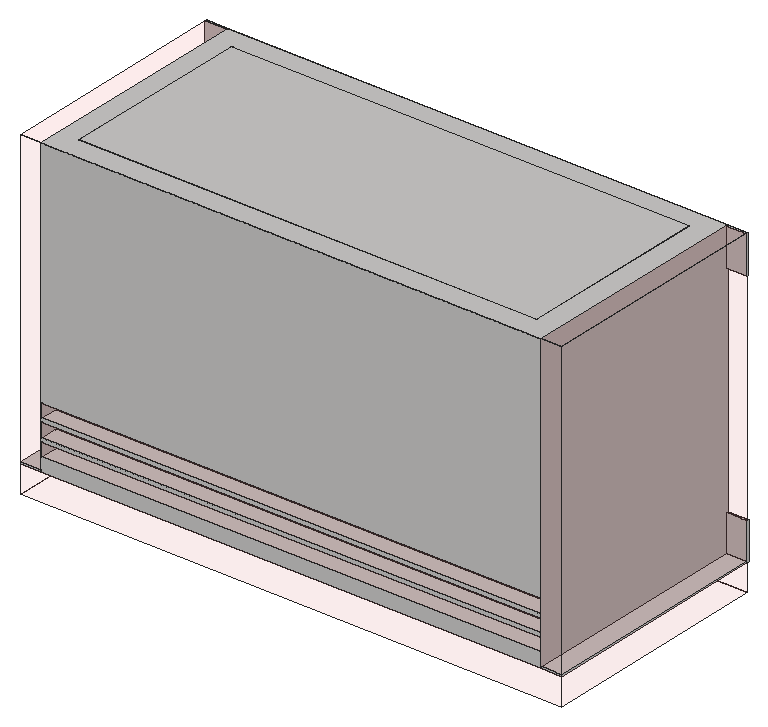
Revit family "Air-Curtain_Industrial_PoweredAire_Unheated", category Mechanical Equipment, host Face, Revit 2020
Family settings
  Host = Face
  Round Connector Dimension = Use Diameter
  Part Type = Normal
  OmniClass Number = 23.75.35.17.21
  OmniClass Title = Air Curtains
  Cut with Voids When Loaded = No
  Shared = No
  Room Calculation Point = No
Parameters
  topbrackets [instance] = and(Unit Height = 1' 4 3/4", Unit Depth = 1' 9 1/4")  # yes
  Warranty Duration (Years) = 0
  Unit Width Notes = "Other Widths available."  # constant formula
  Unit Width = 3' - 3"
  Unit Weight = 0
  Unit Height = 1' - 4 3/4"
  Unit Depth = 1' - 9 1/4"
  URL = "http://www.poweredaire.com/"
  Test Data = ""
  Standards Conformance = "as Specified"
  Specification = "http://www.arcat.com/sdspecs/htm04/23_34_33pai.htm"
  SpecWizard = ""
  Sound Pressure = "as Specified"
  Sales Information = "http://www.poweredaire.com/contact_us"
  Revision = "R1_2016-08"
  Projection from Host [instance] = 0' - 2"
  Product Properties = ""
  Product Data = "http://www.arcat.com/arcatcos/cos47/arc47623.html"
  Power Rating = 0 W
  Nozzle Width = if(1 = 1, Unit Width - 0' 3", 0' 0")  # 3' - 0"
  Mounting Width = if(1 = 1, Unit Width - 0' 1 1/2", 0' 0")  # 3' - 1 1/2"
  Mounting Height [instance] = 3' - 6"
  Motor RPM = 0
  Motor HP = 0
  Motor Count = 0
  Model = "As Specified"
  Max Height = 0' - 0"
  Manufacturer Website = "http://www.poweredaire.com/"
  Manufacturer Phone - Toll Free = "888-321-2473"
  Manufacturer Phone = "724-588-3305"
  Manufacturer Fax = "724-588-3371"
  Manufacturer Address = "109 Mortensen Rd.  Greenville, PA 16125"
  Manufacturer = "Powered Aire, Inc"
  Maintenance Schedule (Months) = 0
  Keynote = "23 34 33"
  Installation-Fabrication = ""
  Installation Phase = ""
  Include Clearance [instance] = yes
  Heating Element Load = 0 W
  HVAC_Temperature Rise = 0 °F
  HVAC_Outlet Volume = 0 CFM
  HVAC_Outlet Velocity Uniformity = 0
  HVAC_Outlet Velocity = 0 FPM
  Green Building-LEED = "http://www.arcat.com/green/clients/leed_data_47623.html"
  Front Grating Material [instance] = Metal - Steel - PoweredAire - Stainless 304 Perforated
  Frame Finish [instance] = Metal - Steel - PoweredAire - Stainless 304
  Expected Lifespan (Years) = 0
  Electrical_Wattage [instance] = Power Rating + Heating Element Load  # 0 W
  Electrical_Voltage [instance] = 0 V
  Electrical_Phase [instance] = 1
  Electrical_Frequency [instance] = 0 Hz
  Electrical_Amperage [instance] = 0 A
  Drawn By = "Sumex Design, Inc. / Robert S. Weygant, CSI, CDT, SCIP"
  Description = "Powered Aire Air Curtain as Specified"
  Default Elevation = 0' - 0"  # constant formula
  Copyright = "©Arcat Inc."
  Construction Details = "http://www.arcat.com/details/powair/prod3336.html"
  Clearance_Top [instance] = 0' - 0"
  Clearance_Side B [instance] = 0' - 0"
  Clearance_Side A [instance] = 0' - 0"
  Clearance_Intake [instance] = 0' - 0"
  Clearance_Bottom [instance] = 0' - 0"
  Clearance Material [instance] = ARCAT Clearance
  Building Codes = ""
  Available Options [instance] = "as Specified"
  Assembly Code = "D3090400"
Reference planes (in)
  plane 1 "Center (Elevation)": y = 8.51318
  plane 2: z = 0
  plane 3 "Center (Left/Right)": x = 0
  plane 4: y = 16.88818
  plane 5 "BoC": y = 0.13818
  plane 6: x = -19.5
  plane 7: x = 19.5
  plane 8: z = 23.25
  plane 9 "FF": y = -41.86182
  plane 10: z = 2
  plane 11: x = 18
  plane 12: x = -18
  plane 13: y = 16.88818
  plane 14: y = 0.13818
  plane 15: x = -19.5
  plane 16: x = 19.5
  plane 17: z = 23.25
  plane 18: y = 0.13818
  plane 19: x = 17.9375
  plane 20: x = -17.9375
Forms (in)
  Extrusion 1, solid, material "ARCAT Clearance" <- "Clearance Material", visible <- "Include Clearance"
    sketch origin (0, 0, 0) x (0, 1, 0) y (0, 0, 1)
      loop
        line (0.13818, 23.25) -> (0.13818, 0) -> (16.88818, 0) -> (16.88818, 23.25) -> (0.13818, 23.25)
    from -19.5 to 19.5
  Extrusion 2, solid, material "Metal - Steel - PoweredAire - Stainless 304" <- "Frame Finish"
    sketch origin (0, 8.51318, 0) x (1, 0, 0) y (0, 0, 1)
      loop
        line (18, 23.25) -> (-18, 23.25) -> (-18, 2) -> (18, 2) -> (18, 23.25)
    from -8.375 to 8.375
  Extrusion 3, void
    sketch origin (0, 0, 0) x (0, 1, 0) y (0, 0, 1)
      loop
        line (0.13818, 4) -> (0.13818, 3) -> (1.63818, 3) -> (1.63818, 6.5) -> (0.13818, 6.5) -> (0.13818, 5.5) -> (1.38818, 5.5) -> (1.38818, 5.25) -> (0.13818, 5.25) -> (0.13818, 4.25) -> (1.38818, 4.25) -> (1.38818, 4) -> (0.13818, 4)
    from -17.9375 to 17.9375
  Extrusion 4, solid, material "Metal - Steel - PoweredAire - Stainless 304" <- "Frame Finish"
    sketch origin (-15.17702, -180, 2) x (-1, 0, 0) y (0, -1, 0)
      loop
        line (-33.17702, -196.88818) -> (-33.17702, -180.13818) -> (-34.67702, -180.13818) -> (-34.67702, -196.88818) -> (-33.17702, -196.88818)
      loop
        line (2.82298, -196.88818) -> (4.32298, -196.88818) -> (4.32298, -180.13818) -> (2.82298, -180.13818) -> (2.82298, -196.88818)
    from 0 to 0.125
  Extrusion 5, solid, material "Metal - Steel - PoweredAire - Stainless 304" <- "Frame Finish", visible <- "topbrackets"
    sketch origin (-11.83813, 16.88818, 48) x (-1, 0, 0) y (0, 0, 1)
      loop
        line (7.66187, -46) -> (7.66187, -43.25) -> (6.16187, -43.25) -> (6.16187, -46) -> (7.66187, -46)
      loop
        line (-31.33813, -46) -> (-29.83813, -46) -> (-29.83813, -43.25) -> (-31.33813, -43.25) -> (-31.33813, -46)
      loop
        line (7.66187, -27.5) -> (7.66187, -24.75) -> (6.16187, -24.75) -> (6.16187, -27.5) -> (7.66187, -27.5)
      loop
        line (-31.33813, -27.5) -> (-29.83813, -27.5) -> (-29.83813, -24.75) -> (-31.33813, -24.75) -> (-31.33813, -27.5)
    from 0 to -0.125
  Extrusion 6, solid, material "Metal - Steel - PoweredAire - Stainless 304 Perforated" <- "Front Grating Material"
    sketch origin (18, 8.51318, 23.25) x (-1, 0, 0) y (0, -1, 0)
      loop
        line (1.5, -6.875) -> (34.5, -6.875) -> (34.5, 6.875) -> (1.5, 6.875) -> (1.5, -6.875)
    from 0 to 0.03125
Cuts and joins
  Extrusion 3 cuts Extrusion 2
Dimensions and locks (in)
  equal spacing: plane 4, plane 1 "Center (Elevation)", plane 5 "BoC"
  "Unit Height": plane 4 to plane 5 "BoC"
  equal spacing: plane 6, plane 3 "Center (Left/Right)", plane 7
  "Unit Width": plane 6 to plane 7
  "Mounting Height": plane 5 "BoC" to plane 9 "FF"
  "Projection from Host": plane 10 to level
  "Unit Depth": plane 8 to plane 10
  locked: plane 6 to plane 12 at 1.5
  locked: plane 11 to plane 7 at 1.5
  "Clearance_Side A": plane 7 to plane 16
  "Clearance_Side B": plane 15 to plane 6
  "Clearance_Top": plane 13 to plane 4
  "Clearance_Bottom": plane 5 "BoC" to plane 14
  "Clearance_Intake": plane 17 to plane 8
  locked: plane 7 to Extrusion 2 sketch curve at 1.5
  locked: Extrusion 2 sketch curve to plane 6 at 1.5
  locked: plane 18 to plane 5 "BoC" at 0
  Extrusion 5 sketch curve to Extrusion 5 sketch curve to plane 10 = 0' - 2 3/4" locked, 0' - 0" locked  (x2)
  locked: plane 12 to Extrusion 6 sketch curve at 1.5
  locked: Extrusion 6 sketch curve to plane 11 at 1.5
  locked: Extrusion 6 sketch curve to plane 5 "BoC" at 1.5
  locked: plane 20 to plane 12 at 0.0625
  locked: plane 11 to plane 19 at 0.0625
  Extrusion 3 sketch curve to Extrusion 3 sketch curve to Extrusion 3 sketch curve to Extrusion 3 sketch curve to Extrusion 3 sketch curve to Extrusion 3 sketch curve to plane 10 = 0' - 1" locked, 0' - 0 1/4" locked, 0' - 1" locked, 0' - 0 1/4" locked, 0' - 1" locked, 0' - 1" locked
  locked: plane 4 to Extrusion 6 sketch curve at 1.5
  locked: Extrusion 5 sketch curve to Extrusion 5 sketch curve at 2.75  (x2)
  aligned and locked: plane 2 to host face
  aligned and locked: level to host face
  aligned and locked: Extrusion 1 sketch curve to plane 17
  aligned and locked: plane 14 to Extrusion 1 sketch curve
  aligned and locked: level to Extrusion 1 sketch curve
  aligned and locked: Extrusion 1 sketch curve to plane 13
  aligned and locked: plane 16 to Extrusion 1
  aligned and locked: Extrusion 1 to plane 15
  aligned and locked: Extrusion 2 to plane 4
  aligned and locked: Extrusion 2 to plane 18
  aligned and locked: Extrusion 4 sketch curve to plane 4  (x2)
  aligned and locked: Extrusion 2 sketch curve to plane 10
  aligned and locked: Extrusion 3 to plane 20
  aligned and locked: plane 19 to Extrusion 3
  aligned and locked: Extrusion 2 sketch curve to plane 8
  aligned and locked: Extrusion 5 sketch curve to plane 8  (x2)
  aligned and locked: plane 18 to Extrusion 4 sketch curve  (x2)
Automatic sketch dimensions
  host sketch curve to host sketch curve = 8' - 0"  (x2)
  Extrusion 4 sketch curve to plane 7 = 0' - 0"
  Extrusion 4 sketch curve to plane 11 = 0' - 0"
  Extrusion 4 sketch curve to plane 12 = 0' - 0"
  Extrusion 4 sketch curve to plane 6 = 0' - 0"
  Extrusion 3 sketch curve to plane 5 "BoC" = 0' - 0"  (x3)
  plane 18 to Extrusion 3 sketch curve = 0' - 1 1/4"
  Extrusion 3 sketch curve to Extrusion 3 sketch curve = 0' - 0"
  Extrusion 3 sketch curve to Extrusion 3 sketch curve = 0' - 0 1/4"
  Extrusion 5 sketch curve to plane 7 = 0' - 0"  (x2)
  Extrusion 5 sketch curve to plane 11 = 0' - 0"  (x2)
  Extrusion 5 sketch curve to plane 12 = 0' - 0"  (x2)
  Extrusion 5 sketch curve to plane 6 = 0' - 0"  (x2)
Connectors (in)
  electrical at (-18, 8.51318, 12.625), driven by "Electrical_Voltage", driven by "Electrical_Phase"
    settings: on cut or joined group of Extrusion 2, Extrusion 3, index 1, voltage 0 V, apparent load 0 VA, apparent load phase1 0 VA, apparent load phase2 0 VA, apparent load phase3 0 VA, power factor 1, load classification "Other", number of poles 1, system type 31, power factor state 1, is connector primary yes, connector utility no, sub classification motor no, connector description ""
